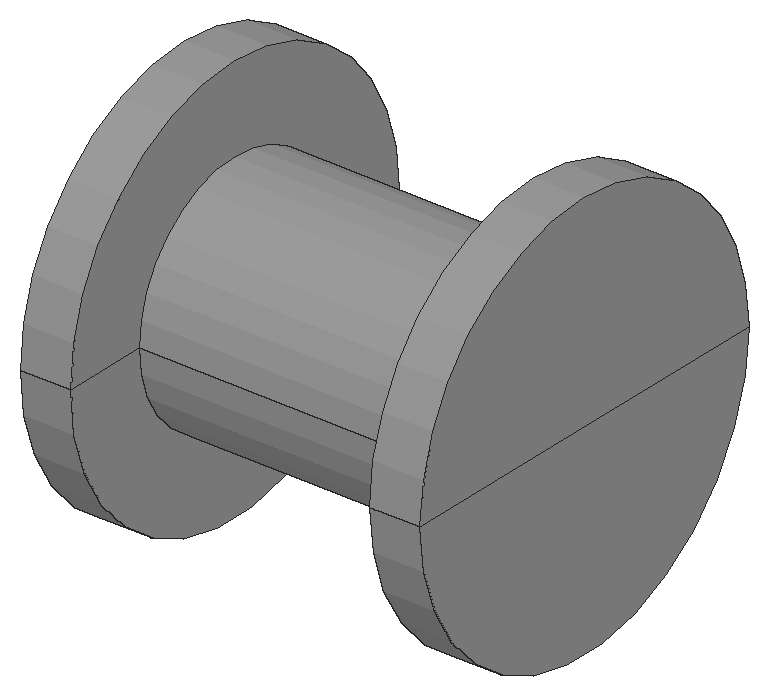
Revit family "Sleeve Transition - MJ - DI - Class 350", category Pipe Fittings, Revit 2027
Family settings
  Round Connector Dimension = Use Radius
  Part Type = Union
  Work Plane-Based = No
  Always vertical = Yes
  Cut with Voids When Loaded = No
  Shared = No
Parameters (values of type "Standard")
  URL = ""
  Type Comments = ""
  Tick Size [instance] = Socket Outside Diameter * 0.4  # 1.7920"
  Nominal Radius [instance] = 1.5000"
  Nominal Diameter [instance] = Nominal Radius * 2  # 3.0000"
  Manufacturer = ""
  Loss Method = K Coefficient from Table
  Lookup Table Name = "Sleeve Transition - MJ - DI - Class 350"
  Length Not Found [instance] = if(Nominal Diameter < 14.0000", 7.5000", if(Nominal Diameter < 30.0000", 9.5000", 15.0000"))  # 7.5000"
  Length [instance] = size_lookup(Lookup Table Name, "Lgt", Length Not Found, Nominal Diameter)  # 7.5000"
  K Coefficient Table = "Reducer/Coupling/Union/Increaser"
  built-in parameter 1114238 [instance] = (empty or 0)
  Socket Outside Radius [instance] = Socket Outside Diameter / 2  # 2.2400"
  Socket Outside Diameter [instance] = size_lookup(Lookup Table Name, "SOD", 1.08 * Nominal Diameter + 1.1200", Nominal Diameter)  # 4.4800"
  Fitting Material = Steel, Carbon
  Description = ""
  Gland Width [instance] = size_lookup(Lookup Table Name, "GWid", 0.03 * Nominal Diameter + 0.9400", Nominal Diameter)  # 0.9400"
  Gland Outside Radius [instance] = Gland Outside Diameter / 2  # 3.8450"
  Gland Outside Diameter [instance] = size_lookup(Lookup Table Name, "GOD", 1.16 * Nominal Diameter + 4.0300", Nominal Diameter)  # 7.6900"
  Default Elevation = 0.0000"
Types (2): name
  Standard
  Below Ground
Reference planes (in)
  plane 1 "Center (Front/Back)": y = 0
  plane 2: z = 0
  plane 3 "Center (Left/Right)": x = 0
  plane 4: x = -3.75
  plane 5: x = 3.75
  plane 6: y = 1.792
  plane 7: y = -1.792
  plane 8: y = 3.845
  plane 9: y = 2.24
  plane 10: x = -2.81
  plane 11: x = 2.81
Forms (in)
  Revolve 1, solid, material "Steel, Carbon" <- "Fitting Material", detail levels fine
    sketch origin (0, 0, 0) x (1, 0, 0) y (0, 1, 0)
      loop
        line (-3.75, 0) -> (3.75, 0) -> (3.75, 3.845) -> (2.81, 3.845) -> (2.81, 2.24) -> (-2.81, 2.24) -> (-2.81, 3.845) -> (-3.75, 3.845) -> (-3.75, 0)
      axis (-3.75, 0) -> (3.75, 0)
    angle from 0 to 360
Lines and regions (in)
  model lines, style "PipeFitting", detail levels coarse+medium
    curve 1: line (-3.75, 0, 0) -> (3.75, 0, 0)
  model lines, detail levels coarse+medium
    curve 2: line (-3.75, 1.792, 0) -> (-3.75, -1.792, 0)
    curve 3: line (3.75, 1.792, 0) -> (3.75, -1.792, 0)
Dimensions and locks (in)
  "Tick Size": plane 6 to plane 1 "Center (Front/Back)"
  "Tick Size": plane 7 to plane 1 "Center (Front/Back)"
  "Gland Outside Radius": plane 8 to plane 1 "Center (Front/Back)"
  "Socket Outside Radius": plane 9 to plane 1 "Center (Front/Back)"
  "Gland Width": plane 11 to plane 5
  "Gland Width": plane 4 to plane 10
  "Length": plane 4 to plane 5
  equal spacing: plane 4, plane 3 "Center (Left/Right)", plane 5
  aligned and locked: plane 6 to curve 2
  aligned and locked: plane 7 to curve 2
  aligned and locked: curve 2 to plane 4
  aligned and locked: plane 6 to curve 3
  aligned and locked: plane 7 to curve 3
  aligned and locked: plane 5 to curve 3
  aligned and locked: plane 4 to curve 1
  aligned and locked: plane 5 to curve 1
  aligned and locked: plane 1 "Center (Front/Back)" to curve 1
  aligned and locked: plane 1 "Center (Front/Back)" to Revolve 1 sketch curve
  aligned and locked: plane 4 to Revolve 1 sketch curve
  aligned and locked: plane 5 to Revolve 1 sketch curve
  aligned and locked: Revolve 1 sketch curve to plane 8  (x2)
  aligned and locked: Revolve 1 sketch curve to Revolve 1 sketch curve
  aligned and locked: Revolve 1 sketch curve to plane 10
  aligned and locked: plane 11 to Revolve 1 sketch curve
  aligned and locked: Revolve 1 sketch curve to plane 9
Automatic sketch dimensions
  Revolve 1 sketch curve to plane 4 = 0.5000"
  Revolve 1 sketch curve to plane 5 = 0.6875"
Connectors (in)
  piping at (-3.75, 0, 0), diameter 3, driven by "Nominal Radius"
    settings: on Revolve 1, index 1, connector inside diameter 3.0000", connector length 0.0000", flow factor 0, pipe flow 0 GPM, pressure drop 0.00 psi, fitting loss kfactor 0, connector angle 0.00°, fixture units 0, engagement length 0.0000", angle of deflection 0.00°, flow configuration 0, flow direction 0, fitting loss method 0, system type 28, joint type 0, gender type 0, connector reference index 2, connector utility 0, adjustable connector no, is connector primary yes, connector description ""
  piping at (3.75, 0, 0), diameter 3, driven by "Nominal Radius"
    settings: on Revolve 1, index 2, connector inside diameter 3.0000", connector length 0.0000", flow factor 0, pipe flow 0 GPM, pressure drop 0.00 psi, fitting loss kfactor 0, connector angle 0.00°, fixture units 0, engagement length 0.0000", angle of deflection 0.00°, flow configuration 0, flow direction 0, fitting loss method 0, system type 28, joint type 0, gender type 0, connector reference index 1, connector utility 0, adjustable connector no, is connector primary no, connector description ""
